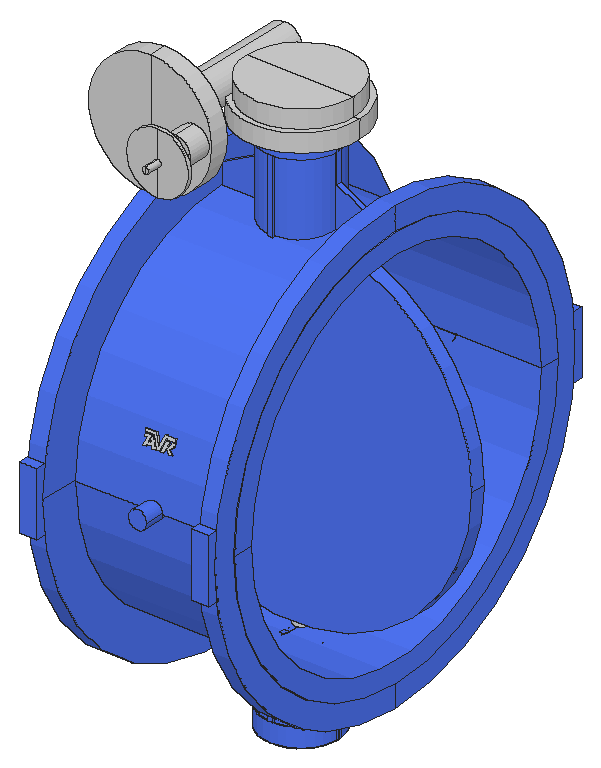
Revit family "756-102-IS3-DN150-1200", category Pipe Accessories, Revit 2019
Family settings
  Round Connector Dimension = Use Diameter
  Part Type = Valve - Breaks Into
  Work Plane-Based = No
  Always vertical = Yes
  Cut with Voids When Loaded = No
  Shared = No
Parameters (values of type "DN1200-PN25")
  W2_ref = size_lookup(Search_table, "W2_Ref", 0.00 mm, DN)  # 204.00 mm
  W2_Ref_2 = W2_ref / 2  # 102.00 mm
  Rib_dia = size_lookup(Search_table, "Rib_Dia", 0.00 mm, DN) / 2  # 40.00 mm
  Offset = size_lookup(Search_table, "Offset", 0.00 mm, DN)  # 3.00 mm
  GB_Width_Ref = if(DN > 599.00 mm, L / 3, if(DN > 149.00 mm, GB_Width, GB_Width))  # 210.00 mm
  GB_Width_3 = size_lookup(Search_table, "GB_Width", 0.00 mm, DN) / 2  # 195.00 mm
  GB_HW = size_lookup(Search_table, "GB_HW", 0.00 mm, DN) / 2  # 260.00 mm
  Disc_width = if(DN > 999.00 mm, 50.00 mm, if(DN > 699.00 mm, 40.00 mm, if(DN > 499.00 mm, 35.00 mm, if(DN > 399.00 mm, 25.00 mm, if(DN > 349.00 mm, 20.00 mm, if(DN > 249.00 mm, 15.00 mm, if(DN > 149.00 mm, 10.00 mm, 10.00 mm)))))))  # 50.00 mm
  Disc_Dia = size_lookup(Search_table, "Disc_Dia", 0.00 mm, DN)  # 1172.50 mm
  DN900-PN25 = "756-0900-1-74002"
  DN900 = yes
  DN800-PN25 = "756-0800-1-74002"
  DN800 = yes
  DN700-PN25 = "756-0700-1-74002"
  DN700 = yes
  DN1200-PN25 = "756-1200-1-74002"
  DN1200 = yes
  DN1000-PN25 = "756-1000-1-74002"
  DN1000 = yes
  C_Rod = if(DN > 999.00 mm, 48.00 mm, if(DN > 699.00 mm, 38.00 mm, if(DN > 499.00 mm, 33.00 mm, if(DN > 399.00 mm, 23.00 mm, if(DN > 349.00 mm, 18.00 mm, if(DN > 249.00 mm, 13.00 mm, if(DN > 149.00 mm, 9.00 mm, 9.00 mm)))))))  # 48.00 mm
  C = size_lookup(Search_table, "C", 0.00 mm, DN)  # 382.00 mm
  W4 = size_lookup(Search_table, "W4", 0.00 mm, DN)  # 987.00 mm
  W3 = size_lookup(Search_table, "W3", 0.00 mm, DN)  # 982.00 mm
  W2 = size_lookup(Search_table, "W2", 0.00 mm, DN)  # 1161.00 mm
  W1 = size_lookup(Search_table, "W1", 0.00 mm, DN)  # 768.00 mm
  URL_product_pages = "https://www.avkvalves.com/P.aspx?no=7560150174002"
  Rib_width_2 = Gear_box_Mount_Flange_width * 2  # 250.00 mm
  Rib_width = L - (Flange_Thickness * 2)  # 510.00 mm
  Rib_height_2 = H1 - Flange_OD  # 154.50 mm
  Rib_depth = if(DN > 149.00 mm, 15.00 mm, if(DN > 299.00 mm, 15.00 mm, if(DN > 399.00 mm, 20.00 mm, 20.00 mm)))  # 15.00 mm
  Rib_height = Flange_OD / 1.1  # 675.00 mm
  Rf_Dia = size_lookup(Search_table, "RF_Dia", 0.00 mm, DN) / 2  # 666.00 mm
  RF_Cut_Thickness = 5.00 mm  # constant formula
  Pin_width = L / 2  # 315.00 mm
  Pin_dia = 60.00 mm
  Pin_Depth = (DN + size_lookup(Search_table, "Flange_OD", 0.00 mm, DN)) / 2  # 1342.50 mm
  L2 = size_lookup(Search_table, "L2", 0.00 mm, DN)  # 272.00 mm
  L1 = size_lookup(Search_table, "L1", 0.00 mm, DN)  # 268.00 mm
  L = size_lookup(Search_table, "L", 0.00 mm, DN)  # 630.00 mm
  ID (Radius) = DN / 2  # 600.00 mm
  H3 = size_lookup(Search_table, "H3", 0.00 mm, DN)  # 899.00 mm
  H2 = size_lookup(Search_table, "H2", 0.00 mm, DN)  # 899.00 mm
  H1 = B - GB_Dia  # 897.00 mm
  Gear_box_depth = A - Body_wallthickness - 25.00 mm  # 470.00 mm
  GB_Width_2 = GB_Width_3 * 0.9  # 175.50 mm
  GB_Width = C - L / 2  # 67.00 mm
  GB_Flange = 5.00 mm  # constant formula
  GB_Dia = size_lookup(Search_table, "GB_Dia", 0.00 mm, DN) / 2  # 60.00 mm
  Flange_Thickness = size_lookup(Search_table, "Flange_Thickness", 0.00 mm, DN)  # 60.00 mm
  Flange_OD = size_lookup(Search_table, "Flange_OD", 0.00 mm, DN) / 2  # 742.50 mm
  Description_ = "AVK_DOUBLE_ECCENTRIC_BUTTERFLY_VALVE"
  DN = 1200.00 mm
  Search_table = "756-102-IS3-DN150-1200"
  Disk_2 = size_lookup(Search_table, "Disk_2", 0.00 mm, DN)  # 25.00 mm
  Disk_1 = size_lookup(Search_table, "Disk_1", 0.00 mm, DN)  # 25.00 mm
  DN600_PN25 = "756-0600-1-74002"
  DN600 = yes
  DN500_PN25 = "756-0500-1-74002"
  DN500 = yes
  DN450_PN25 = "756-0450-1-74002"
  DN450 = yes
  DN400_PN25 = "756-0400-1-74002"
  DN400 = yes
  DN350_PN25 = "756-0350-1-74002"
  DN350 = yes
  DN300_PN25 = "756-0300-1-74002"
  DN300 = yes
  DN250_PN25 = "756-0250-1-74002"
  DN250 = yes
  DN200_PN25 = "756-0200-1-74002"
  DN200 = yes
  DN150_PN25 = "756-0150-1-74002"
  DN150 = yes
  D1 = size_lookup(Search_table, "D1", 0.00 mm, DN) / 2  # 10.00 mm
  Bottom_Depth = DN * 1.5  # 1800.00 mm
  Gear_box_Mount_width = size_lookup(Search_table, "Gear_box_Mount_width", 0.00 mm, DN) / 2  # 120.00 mm
  Gear_box_Mount_Flange_width = size_lookup(Search_table, "Gear_box_Mount_Flange_width", 0.00 mm, DN) / 2  # 125.00 mm
  Body_wallthickness = 10.00 mm  # constant formula
  B = size_lookup(Search_table, "B", 0.00 mm, DN)  # 957.00 mm
  A2 = A / 1.7  # 297.059 mm
  A = size_lookup(Search_table, "A", 0.00 mm, DN)  # 505.00 mm
Types (15, lengths in mm): name | W2_ref | W2_Ref_2 | Rib_dia | Offset | GB_Width_Ref | GB_Width_3 | GB_HW | Disc_width | Disc_Dia | DN900-PN25 | DN800-PN25 | C_Rod | C | W4 | W3 | W2 | W1 | Rib_width_2 | Rib_width | Rib_height_2 | Rib_height | Rf_Dia | Pin_width | Pin_dia | Pin_Depth | L2 | L1 | L | ID (Radius) | H3 | H2 | H1 | Gear_box_depth | GB_Width_2 | GB_Width | GB_Dia | Flange_Thickness | Flange_OD | DN | Disk_2 | Disk_1 | Bottom_Depth | Gear_box_Mount_width | Gear_box_Mount_Flange_width | B | A2 | A
  (no name) | 204.00 | 102.00 | 40.00 | 3.00 | 210.00 | 195.00 | 260.00 | 50.00 | 1172.50 | "756-0900-1-74002" | "756-0800-1-74002" | 48.00 | 382.00 | 987.00 | 982.00 | 1161.00 | 768.00 | 250.00 | 510.00 | 154.50 | 675.00 | 666.00 | 315.00 | 60.00 | 1342.50 | 272.00 | 268.00 | 630.00 | 600.00 | 899.00 | 899.00 | 897.00 | 470.00 | 175.50 | 67.00 | 60.00 | 60.00 | 742.50 | 1200.00 | 25.00 | 25.00 | 1800.00 | 120.00 | 125.00 | 957.00 | 297.059 | 505.00
  DN0150-PN25 | 35.00 | 17.50 | 35.00 | 3.00 | 71.00 | 85.00 | 35.00 | 10.00 | 133.00 | "756-0900-1-74002\r\n756-1000-1-74002" | "756-0800-1-74002\r\n150\r\n200\r\n250\r\n300\r\n350\r\n400\r\n450\r\n500\r\n600\r\n700\r\n800\r\nPN25\r\nPN25\r\nPN25\r\nPN25\r\nPN25\r\nPN25\r\nPN25\r\nPN25\r\nPN25\r\nPN25\r\nPN25\r\n210\r\n230\r\n250\r\n270\r\n290\r\n310\r\n330\r\n350\r\n390\r\n430\r\n470\r\n-\r\n-\r\n-\r\n1\r\n19\r\n34\r\n48\r\n63\r\n92\r\n124\r\n155\r\n-\r\n-\r\n-\r\n12\r\n25\r\n40\r\n54\r\n69\r\n98\r\n130\r\n161\r\n192\r\n226\r\n268\r\n303\r\n331\r\n373\r\n411\r\n454\r\n541\r\n566\r\n650\r\n162\r\n190\r\n223\r\n253\r\n288\r\n320\r\n345\r\n375\r\n430\r\n483\r\n546\r\n278\r\n312\r\n350.5\r\n420\r\n445\r\n487\r\n572\r\n615\r\n701\r\n740\r\n921\r\n-\r\n-\r\n-\r\n17\r\n155\r\n217\r\n270\r\n325\r\n424\r\n527\r\n626\r\n-\r\n-\r\n-\r\n115\r\n176\r\n234\r\n285\r\n338\r\n434\r\n537\r\n635\r\n20\r\n20\r\n20\r\n20\r\n20\r\n20\r\n20\r\n20\r\n20\r\n20\r\n20\r\n122\r\n118\r\n263\r\n269\r\n269\r\n269\r\n355\r\n355\r\n342\r\n342\r\n469\r\n216\r\n249\r\n288\r\n325\r\n350\r\n392\r\n447\r\n490\r\n576\r\n615\r\n717\r\n176\r\n191\r\n230\r\n173\r\n183\r\n193\r\n205\r\n215\r\n277\r\n297\r\n266\r\nF10\r\nF10\r\nF10\r\nF10\r\nF10\r\nF10\r\nF10\r\nF10\r\nF14\r\nF10\r\nF10\r\n39\r\n56\r\n93\r\n117\r\n152\r\n191\r\n277\r\n325\r\n501\r\n672\r\n975\r\n2/3\r\nthosch - 21-Jun-2022 11:33\r\n756-0800-1-74002" | 9.00 | 176.00 | 6.00 | 6.00 | 278.00 | 162.00 | 90.00 | 180.00 | 38.50 | 129.545 | 105.50 | 105.00 | 30.00 | 217.50 | 1.00 | 1.00 | 210.00 | 75.00 | 200.00 | 192.00 | 181.00 | 87.00 | 76.50 | 71.00 | 35.00 | 15.00 | 142.50 | 150.00 | 2.00 | 2.00 | 225.00 | 40.00 | 45.00 | 216.00 | 71.765 | 122.00
  DN0200-PN25 | 35.00 | 17.50 | 35.00 | 5.00 | 76.00 | 85.00 | 35.00 | 10.00 | 180.00 | "756-0900-1-74002" | "756-0800-1-74002" | 9.00 | 191.00 | 6.00 | 6.00 | 312.00 | 190.00 | 90.00 | 200.00 | 44.00 | 154.545 | 133.00 | 115.00 | 30.00 | 270.00 | 1.00 | 1.00 | 230.00 | 100.00 | 226.00 | 226.00 | 214.00 | 83.00 | 76.50 | 76.00 | 35.00 | 15.00 | 170.00 | 200.00 | 2.00 | 2.00 | 300.00 | 40.00 | 45.00 | 249.00 | 69.412 | 118.00
  DN0250-PN25 | 35.00 | 17.50 | 35.00 | 5.00 | 105.00 | 85.00 | 35.00 | 15.00 | 227.00 | "756-0900-1-74002" | "756-0800-1-74002" | 13.00 | 230.00 | 6.00 | 6.00 | 350.50 | 223.00 | 100.00 | 220.00 | 50.50 | 184.091 | 159.50 | 125.00 | 30.00 | 327.50 | 1.00 | 1.00 | 250.00 | 125.00 | 268.00 | 268.00 | 253.00 | 228.00 | 76.50 | 105.00 | 35.00 | 15.00 | 202.50 | 250.00 | 2.00 | 2.00 | 375.00 | 45.00 | 50.00 | 288.00 | 154.706 | 263.00
  DN0300-PN25 | 35.00 | 17.50 | 35.00 | 6.00 | 38.00 | 92.50 | 35.00 | 15.00 | 282.17 | "756-0900-1-74002" | "756-0800-1-74002" | 13.00 | 173.00 | 115.00 | 17.00 | 420.00 | 253.00 | 120.00 | 230.00 | 60.00 | 209.091 | 185.00 | 135.00 | 40.00 | 380.00 | 12.00 | 1.00 | 270.00 | 150.00 | 303.00 | 303.00 | 290.00 | 234.00 | 83.25 | 38.00 | 35.00 | 20.00 | 230.00 | 300.00 | 20.00 | 3.00 | 450.00 | 55.00 | 60.00 | 325.00 | 158.235 | 269.00
  DN0350-PN25 | 35.00 | 17.50 | 35.00 | 3.00 | 38.00 | 92.50 | 35.00 | 20.00 | 334.00 | "756-0900-1-74002" | "756-0800-1-74002" | 18.00 | 183.00 | 176.00 | 155.00 | 445.00 | 288.00 | 120.00 | 250.00 | 55.00 | 236.364 | 214.50 | 145.00 | 40.00 | 435.00 | 25.00 | 19.00 | 290.00 | 175.00 | 331.00 | 331.00 | 315.00 | 234.00 | 83.25 | 38.00 | 35.00 | 20.00 | 260.00 | 350.00 | 20.00 | 20.00 | 525.00 | 55.00 | 60.00 | 350.00 | 158.235 | 269.00
  DN0400-PN25 | 37.50 | 18.75 | 37.50 | 3.00 | 38.00 | 95.00 | 37.50 | 25.00 | 382.71 | "756-0900-1-74002" | "756-0800-1-74002" | 23.00 | 193.00 | 234.00 | 217.00 | 487.00 | 320.00 | 130.00 | 270.00 | 64.50 | 263.636 | 240.00 | 155.00 | 40.00 | 490.00 | 40.00 | 34.00 | 310.00 | 200.00 | 373.00 | 373.00 | 354.50 | 234.00 | 85.50 | 38.00 | 37.50 | 20.00 | 290.00 | 400.00 | 20.00 | 20.00 | 600.00 | 60.00 | 65.00 | 392.00 | 158.235 | 269.00
  DN0500-PN25 | 39.00 | 19.50 | 39.00 | 3.00 | 40.00 | 105.00 | 39.00 | 35.00 | 482.61 | "756-0900-1-74002" | "756-0800-1-74002" | 33.00 | 215.00 | 338.00 | 325.00 | 615.00 | 375.00 | 135.00 | 290.00 | 116.00 | 304.545 | 291.00 | 175.00 | 60.00 | 585.00 | 69.00 | 63.00 | 350.00 | 250.00 | 454.00 | 454.00 | 451.00 | 320.00 | 94.50 | 40.00 | 39.00 | 30.00 | 335.00 | 500.00 | 20.00 | 20.00 | 750.00 | 62.50 | 67.50 | 490.00 | 208.824 | 355.00
  DN0600-PN25 | 125.00 | 62.50 | 39.00 | 3.00 | 130.00 | 110.00 | 95.00 | 35.00 | 579.93 | "756-0900-1-74002" | "756-0800-1-74002" | 33.00 | 277.00 | 434.00 | 424.00 | 701.00 | 430.00 | 155.00 | 330.00 | 147.00 | 354.545 | 341.00 | 195.00 | 60.00 | 690.00 | 98.00 | 92.00 | 390.00 | 300.00 | 541.00 | 541.00 | 537.00 | 307.00 | 99.00 | 82.00 | 39.00 | 30.00 | 390.00 | 600.00 | 20.00 | 20.00 | 900.00 | 72.50 | 77.50 | 576.00 | 201.176 | 342.00
  DN0450-PN25 | 37.50 | 18.75 | 37.50 | 3.00 | 40.00 | 100.00 | 37.50 | 25.00 | 430.22 | "756-0900-1-74002" | "756-0800-1-74002" | 23.00 | 205.00 | 285.00 | 270.00 | 572.00 | 345.00 | 135.00 | 270.00 | 89.50 | 290.909 | 265.00 | 165.00 | 60.00 | 545.00 | 54.00 | 48.00 | 330.00 | 225.00 | 411.00 | 411.00 | 409.50 | 320.00 | 90.00 | 40.00 | 37.50 | 30.00 | 320.00 | 450.00 | 20.00 | 20.00 | 675.00 | 62.50 | 67.50 | 447.00 | 208.824 | 355.00
  DN0700-PN25 | 125.00 | 62.50 | 37.50 | 3.00 | 143.333 | 130.00 | 95.00 | 40.00 | 684.00 | "756-0900-1-74002" | "756-0800-1-74002" | 38.00 | 297.00 | 537.00 | 527.00 | 740.00 | 483.00 | 180.00 | 350.00 | 120.25 | 413.636 | 397.00 | 215.00 | 60.00 | 805.00 | 130.00 | 124.00 | 430.00 | 350.00 | 566.00 | 566.00 | 575.25 | 307.00 | 117.00 | 82.00 | 39.75 | 40.00 | 455.00 | 700.00 | 25.00 | 25.00 | 1050.00 | 85.00 | 90.00 | 615.00 | 201.176 | 342.00
  DN0800-PN25 | 204.00 | 102.00 | 40.00 | 3.00 | 156.667 | 140.00 | 155.00 | 40.00 | 786.50 | "756-0900-1-74002" | "756-0800-1-74002" | 38.00 | 266.00 | 635.00 | 626.00 | 921.00 | 546.00 | 180.00 | 390.00 | 157.00 | 465.909 | 450.00 | 235.00 | 60.00 | 912.50 | 161.00 | 155.00 | 470.00 | 400.00 | 650.00 | 650.00 | 669.50 | 434.00 | 126.00 | 31.00 | 47.50 | 40.00 | 512.50 | 800.00 | 25.00 | 25.00 | 1200.00 | 85.00 | 90.00 | 717.00 | 275.882 | 469.00
  DN0900-PN25 | 204.00 | 102.00 | 40.00 | 3.00 | 170.00 | 155.00 | 175.00 | 40.00 | 886.50 | "756-0900-1-74002" | "756-0800-1-74002" | 38.00 | 286.00 | 729.00 | 721.00 | 971.00 | 593.00 | 200.00 | 420.00 | 152.50 | 510.909 | 500.00 | 255.00 | 60.00 | 1012.00 | 191.00 | 185.00 | 510.00 | 450.00 | 701.00 | 701.00 | 714.50 | 434.00 | 139.50 | 31.00 | 52.50 | 45.00 | 562.00 | 900.00 | 25.00 | 25.00 | 1350.00 | 95.00 | 100.00 | 767.00 | 275.882 | 469.00
  DN1000-PN25 | 204.00 | 102.00 | 40.00 | 3.00 | 183.333 | 175.00 | 203.50 | 50.00 | 986.00 | "756-0900-1-74002" | "756-0800-1-74002" | 48.00 | 306.00 | 824.00 | 813.00 | 1041.00 | 663.00 | 220.00 | 450.00 | 154.50 | 570.455 | 556.00 | 275.00 | 60.00 | 1127.50 | 222.00 | 218.00 | 550.00 | 500.00 | 771.00 | 771.00 | 782.00 | 434.00 | 157.50 | 31.00 | 55.00 | 50.00 | 627.50 | 1000.00 | 25.00 | 25.00 | 1500.00 | 105.00 | 110.00 | 837.00 | 275.882 | 469.00
  DN1200-PN25 | 204.00 | 102.00 | 40.00 | 3.00 | 210.00 | 195.00 | 260.00 | 50.00 | 1172.50 | "756-0900-1-74002" | "756-0800-1-74002" | 48.00 | 382.00 | 987.00 | 982.00 | 1161.00 | 768.00 | 250.00 | 510.00 | 154.50 | 675.00 | 666.00 | 315.00 | 60.00 | 1342.50 | 272.00 | 268.00 | 630.00 | 600.00 | 899.00 | 899.00 | 897.00 | 470.00 | 175.50 | 67.00 | 60.00 | 60.00 | 742.50 | 1200.00 | 25.00 | 25.00 | 1800.00 | 120.00 | 125.00 | 957.00 | 297.059 | 505.00
Reference planes
  plane 1 "Center (Front/Back)": y = 0
  plane 2: z = 0
  plane 3 "Center (Left/Right)": x = 0
  plane 4: y = 600
  plane 5: y = 610
  plane 6: x = 315
  plane 7: x = 255
  plane 8: x = -255
  plane 9: x = -315
  plane 10: z = 897
  plane 11: x = 125
  plane 12: z = 837
  plane 13: z = -897
  plane 14: x = 125
  plane 15: z = -837
  plane 16: x = 120
  plane 17: x = 125
  plane 18: x = -125
  plane 19: z = 897
  plane 20: z = 742.5
  plane 21: z = 600
  plane 22: x = 255
  plane 23: x = -255
  plane 24: z = 675
  plane 25: y = 7.5
  plane 26: y = -7.5
  plane 27: x = 125
  plane 28: x = -125
  plane 29: z = -897
  plane 30: z = -742.5
  plane 31: z = -600
  plane 32: x = 255
  plane 33: x = -255
  plane 34: z = -675
  plane 35: y = 125
  plane 36: y = -125
  plane 37: x = -7.5
  plane 38: x = 7.5
  plane 39: z = 105
  plane 40: z = -105
  plane 41: y = -768
  plane 42: y = 768
  plane 43: y = -172
  plane 44: z = -899
  plane 45: x = 120
  plane 46: y = 600
  plane 47: y = -600
  plane 48: y = 671.25
  plane 49: y = -671.25
  plane 50: z = 1161
  plane 51: z = 957
  plane 52: y = -505
  plane 53: x = -67
  plane 54: z = 997
  plane 55: x = -62
  plane 56: x = -72
  plane 57: z = 962
  plane 58: z = 952
  plane 59: x = -27
  plane 60: x = -107
  plane 61: z = 917
  plane 62: x = -210
  plane 63: y = 25
  plane 64: y = -25
  plane 65: z = 57.131
  plane 66: z = -57.131
  plane 67: z = 496.332
  plane 68: z = 492.509
  plane 69: z = -496.332
  plane 70: z = -492.509
  plane 71: z = 285.986
Forms (mm)
  Revolve 1, solid, material "Plastic"
    sketch origin (0, 0, 0) x (1, 0, 0) y (0, 1, 0)
      loop
        line (-255, 610) -> (-255, 742.5) -> (-315, 742.5) -> (-315, 600) -> (315, 600) -> (315, 742.5) -> (255, 742.5) -> (255, 610) -> (-255, 610)
      axis (-315, 0) -> (315, 0)
    angle from 0 to 360
  Revolve 2, solid, material "Plastic"
    sketch origin (0, 0, 0) x (1, 0, 0) y (0, 0, 1)
      loop
        line (120, 837) -> (125, 837) -> (125, 897) -> (0, 897) -> (0, 600) -> (120, 600) -> (120, 837)
      axis (0, 897) -> (0, 600)
    angle from 0 to 360
  Revolve 3, solid, material "Plastic"
    sketch origin (0, 0, 0) x (1, 0, 0) y (0, 0, -1)
      loop
        line (120, 600) -> (120, 837) -> (125, 837) -> (125, 897) -> (0, 897) -> (0, 600) -> (120, 600)
      axis (0, 897) -> (0, 600)
    angle from 0 to 360
  Revolve 4, solid, material "Plastic"
    sketch origin (0, 0, 0) x (1, 0, 0) y (0, 0, 1)
      loop
        line (0, -897) -> (0, -899) -> (125, -899) -> (125, -897) -> (0, -897)
      axis (0, -899) -> (0, -897)
    angle from 0 to 360
  Extrusion 5, solid, material "Plastic"
    sketch origin (0, 0, 0) x (1, 0, 0) y (0, 0, 1)
      loop
        line (125, 897) -> (-125, 897) -> (-125, 742.5) -> (-255, 675) -> (-255, 600) -> (255, 600) -> (255, 675) -> (125, 742.5) -> (125, 897)
    from -7.5 to 7.5
  Extrusion 6, solid, material "Plastic"
    sketch origin (0, 0, 0) x (1, 0, 0) y (0, 0, 1)
      loop
        line (125, -897) -> (125, -742.5) -> (255, -675) -> (255, -600) -> (-255, -600) -> (-255, -675) -> (-125, -742.5) -> (-125, -897) -> (125, -897)
    from -7.5 to 7.5
  Extrusion 7, solid, material "Plastic"
    sketch origin (0, 0, 0) x (0, 1, 0) y (0, 0, 1)
      loop
        line (125, 837) -> (-125, 837) -> (-125, -837) -> (125, -837) -> (125, 837)
    from -7.5 to 7.5
  Extrusion 8, solid, material "Plastic"
    sketch origin (0, 0, 0) x (0, 1, 0) y (0, 0, 1)
      loop
        line (768, -105) -> (768, 105) -> (735.038, 105)
        arc (735.038, 105) -> (740.632, 52.632) -> (742.5, 0) r 742.5
        arc (742.5, 0) -> (740.632, -52.632) -> (735.038, -105) r 742.5
        line (735.038, -105) -> (768, -105)
      loop
        line (-768, 105) -> (-768, -105) -> (-735.038, -105)
        arc (-735.038, -105) -> (-740.632, -52.632) -> (-742.5, 0) r 742.5
        arc (-742.5, 0) -> (-740.632, 52.632) -> (-735.038, 105) r 742.5
        line (-735.038, 105) -> (-768, 105)
    from 255 to 315
  Extrusion 9, void
    sketch origin (0, 0, 0) x (0, 1, 0) y (0, 0, 1)
      loop
        circle (0, 0) r 600
    from -315 to 315
  Extrusion 10, solid, material "Plastic"
    sketch origin (0, 0, 0) x (0, 1, 0) y (0, 0, -1)
      loop
        line (-768, -105) -> (-735.038, -105)
        arc (-735.038, -105) -> (-740.632, -52.632) -> (-742.5, 0) r 742.5
        arc (-742.5, 0) -> (-740.632, 52.632) -> (-735.038, 105) r 742.5
        line (-735.038, 105) -> (-768, 105) -> (-768, -105)
      loop
        line (768, 105) -> (735.038, 105)
        arc (735.038, 105) -> (740.632, 52.632) -> (742.5, 0) r 742.5
        arc (742.5, 0) -> (740.632, -52.632) -> (735.038, -105) r 742.5
        line (735.038, -105) -> (768, -105) -> (768, 105)
    from 255 to 315
  Extrusion 11, solid, material "Plastic"
    sketch origin (0, 0, 0) x (1, 0, 0) y (0, 0, 1)
      loop
        circle (0, 0) r 30
    from -671.25 to -600
  Extrusion 12, solid, material "Plastic"
    sketch origin (0, 0, 0) x (1, 0, 0) y (0, 0, 1)
      loop
        circle (0, 0) r 30
    from 671.25 to 600
  Revolve 13, void
    sketch origin (0, 0, 0) x (1, 0, 0) y (0, 0, 1)
      loop
        line (315, 899) -> (310, 899) -> (310, 666) -> (315, 666) -> (315, 899)
      loop
        line (-315, 899) -> (-315, 666) -> (-310, 666) -> (-310, 899) -> (-315, 899)
      axis (-315, 0) -> (315, 0)
    angle from 0 to 360
  Extrusion 14, solid, material "Stainless Steel AISI 304"
    sketch origin (0, 0, 0) x (1, 0, 0) y (0, 0, 1)
      loop
        line (-72, 997) -> (-72, 962) -> (-107, 962) -> (-107, 952) -> (-72, 952) -> (-72, 917) -> (-62, 917) -> (-62, 952) -> (-27, 952) -> (-27, 962) -> (-62, 962) -> (-62, 997) -> (-72, 997)
    from 431.029 to 495
  Revolve 15, solid, material "Stainless Steel AISI 304"
    sketch origin (0, 0, 0) x (1, 0, 0) y (0, 0, 1)
      loop
        line (0, 897) -> (195, 897) -> (195, 957) -> (0, 957) -> (0, 897)
      axis (0, 897) -> (0, 957)
    angle from 0 to 360
  Revolve 16, solid, material "Stainless Steel AISI 304"
    sketch origin (0, 0, 0) x (1, 0, 0) y (0, 0, 1)
      loop
        line (0, 957) -> (175.5, 957) -> (175.5, 1017) -> (0, 1017) -> (0, 957)
      axis (0, 957) -> (0, 1017)
    angle from 0 to 360
  Revolve 17, solid, material "Stainless Steel AISI 304"
    sketch origin (-67, -1524, 167.638) x (0, 0, -1) y (0, -1, 0)
      loop
        line (-891.362, -1029) -> (-789.362, -1029) -> (-789.362, -1019) -> (-891.362, -1019) -> (-891.362, -1029)
      axis (-789.362, -1029) -> (-789.362, -1019)
    angle from 0 to 360
  Revolve 18, solid, material "Stainless Steel AISI 304"
    sketch origin (-67, -1524, 167.638) x (0, 0, -1) y (0, -1, 0)
      loop
        line (-839.362, -1166.941) -> (-789.362, -1166.941) -> (-789.362, -1092.971) -> (-839.362, -1092.971) -> (-839.362, -1166.941)
      axis (-789.362, -1166.941) -> (-789.362, -1092.971)
    angle from 0 to 360
  Revolve 19, solid, material "Stainless Steel AISI 304"
    sketch origin (-210, -1524, 508) x (0, 0, 1) y (0, -1, 0)
      loop
        line (449, -1719) -> (449, -1226.941) -> (389, -1226.941) -> (389, -1719) -> (449, -1719)
      axis (449, -1719) -> (449, -1226.941)
    angle from 0 to 360
  Revolve 20, solid, material "Stainless Steel AISI 304"
    sketch origin (-210, -1524, 508) x (0, 0, 1) y (0, -1, 0)
      loop
        line (449, -1226.941) -> (653, -1226.941) -> (653, -1166.941) -> (449, -1166.941) -> (449, -1226.941)
      axis (449, -1226.941) -> (449, -1166.941)
    angle from 0 to 360
  Revolve 21, solid, material "Stainless Steel AISI 304"
    sketch origin (-67, -1524, 167.638) x (0, 0, -1) y (0, -1, 0)
      loop
        line (-789.362, -1019) -> (-789.362, -969) -> (-799.362, -969) -> (-799.362, -1019) -> (-789.362, -1019)
      axis (-789.362, -969) -> (-789.362, -1019)
    angle from 0 to 360
  Extrusion 22, solid, material "Plastic(1)"
    sketch origin (0, 0, 0) x (1, 0, 0) y (0, 0, 1)
      loop
        circle (-3, 0) r 586.25
    from -25 to 25
  Extrusion 23, solid
    sketch origin (0, 0, 0) x (1, 0, 0) y (0, 1, 0)
      loop
        circle (0, 0) r 24
    from -899 to 897
Cuts and joins
  Extrusion 9, Revolve 13 cuts Revolve 1
  Extrusion 9 cuts Extrusion 7
  Extrusion 9, Revolve 13 cuts Extrusion 8
  Revolve 13 cuts Extrusion 10
Dimensions and locks
  equal spacing: plane 9, plane 3 "Center (Left/Right)", plane 6
  "L": plane 9 to plane 6
  "ID (Radius)": plane 4 to plane 1 "Center (Front/Back)"
  "Body_wallthickness": plane 5 to plane 4
  "Flange_Thickness": plane 7 to plane 6
  "Flange_Thickness": plane 9 to plane 8
  "Flange_OD": plane 1 "Center (Front/Back)" to Revolve 1 sketch curve
  "Flange_Thickness": plane 10 to plane 12
  "ID (Radius)": Revolve 2 sketch curve to level
  "Gear_box_Mount_Flange_width": plane 3 "Center (Left/Right)" to plane 11
  "Flange_Thickness": plane 13 to plane 15
  "H1": level to plane 13
  "ID (Radius)": level to Revolve 3 sketch curve
  "Gear_box_Mount_Flange_width": Revolve 4 sketch curve to Revolve 4 sketch curve
  "ID (Radius)": plane 21 to level
  "H1": plane 19 to level
  "Gear_box_Mount_Flange_width": plane 3 "Center (Left/Right)" to plane 17
  "Gear_box_Mount_Flange_width": plane 18 to plane 3 "Center (Left/Right)"
  "Rib_height": plane 24 to level
  equal spacing: plane 25, plane 1 "Center (Front/Back)", plane 26
  "Rib_depth": plane 25 to plane 26
  equal spacing: plane 22, plane 3 "Center (Left/Right)", plane 23
  "Rib_width": plane 22 to plane 23
  "Rib_height_2": plane 19 to plane 20
  "Rib_height_2": plane 29 to plane 30
  "Rib_height": level to plane 34
  "Gear_box_Mount_Flange_width": plane 28 to plane 3 "Center (Left/Right)"
  "Gear_box_Mount_Flange_width": plane 3 "Center (Left/Right)" to plane 27
  "ID (Radius)": level to plane 31
  "H1": level to plane 29
  equal spacing: plane 32, plane 3 "Center (Left/Right)", plane 33
  "Rib_width": plane 32 to plane 33
  equal spacing: plane 35, plane 1 "Center (Front/Back)", plane 36
  equal spacing: plane 37, plane 3 "Center (Left/Right)", plane 38
  "Rib_depth": plane 37 to plane 38
  equal spacing: plane 42, plane 1 "Center (Front/Back)", plane 41
  "W1": plane 1 "Center (Front/Back)" to plane 41
  "W1": plane 42 to plane 1 "Center (Front/Back)"
  locked: plane 39 to plane 40 at 210
  equal spacing: plane 39, level, plane 40
  "Rib_width_2": plane 35 to plane 36
  locked: plane 1 "Center (Front/Back)" to plane 43 at 172
  "H2": level to Revolve 4 sketch curve
  "H2": level to plane 44
  "W1": plane 1 "Center (Front/Back)" to Extrusion 10
  "Gear_box_Mount_width": plane 45 to plane 3 "Center (Left/Right)"
  "Gear_box_Mount_width": plane 3 "Center (Left/Right)" to plane 16
  "Gear_box_Mount_Flange_width": plane 3 "Center (Left/Right)" to plane 14
  "Pin_width": cut or joined group of Extrusion 8, Extrusion 9, Revolve 13 to Extrusion 11 sketch curve
  "H2": Extrusion 11 sketch curve to Revolve 4
  equal spacing: plane 46, plane 1 "Center (Front/Back)", plane 47
  "DN": plane 46 to plane 47
  equal spacing: plane 48, plane 1 "Center (Front/Back)", plane 49
  "Pin_Depth": plane 48 to plane 49
  "Rf_Dia": Revolve 13 sketch curve to level
  "RF_Cut_Thickness": Revolve 13 sketch curve to Revolve 13 sketch curve  (x2)
  "H3": Revolve 13 sketch curve to level
  "W2": plane 50 to level
  "H1": plane 10 to level
  "B": plane 51 to level
  "A": plane 1 "Center (Front/Back)" to plane 52
  "GB_Width_3": Revolve 15 sketch curve to Revolve 15 sketch curve
  "GB_Width_2": Revolve 16 sketch curve to plane 3 "Center (Left/Right)"
  equal spacing: Revolve 16 sketch curve, plane 51, Revolve 15
  "GB_Width": plane 3 "Center (Left/Right)" to plane 53
  "Body_wallthickness": Revolve 17 sketch curve to Revolve 17 sketch curve
  equal spacing: plane 55, plane 53, plane 56
  equal spacing: plane 59, plane 53, plane 60
  equal spacing: plane 57, plane 51, plane 58
  "Body_wallthickness": plane 57 to plane 58
  equal spacing: plane 54, plane 51, plane 61
  "Body_wallthickness": plane 55 to plane 56
  "Rib_dia": plane 53 to plane 60
  "Rib_dia": plane 54 to plane 51
  cut or joined group of Revolve 1, Extrusion 9, Revolve 13 to cut or joined group of Revolve 1, Extrusion 9, Revolve 13 = 630.00 mm
  "C": plane 53 to cut or joined group of Revolve 1, Extrusion 9, Revolve 13
  "GB_Width_Ref": plane 3 "Center (Left/Right)" to plane 62
  "GB_Width_3": Revolve 19 sketch curve to plane 1 "Center (Front/Back)"
  "Flange_Thickness": Revolve 19 to Revolve 20 sketch curve
  "D1": Revolve 21 sketch curve to Revolve 21 sketch curve
  locked: Revolve 21 sketch curve to Revolve 21 sketch curve at 50
  "Offset": plane 3 "Center (Left/Right)" to Extrusion 22 sketch curve
  equal spacing: plane 63, plane 1 "Center (Front/Back)", plane 64
  "Disc_width": plane 63 to plane 64
  equal spacing: plane 46, Extrusion 23 sketch curve, plane 47
  equal spacing: cut or joined group of Revolve 1, Extrusion 9, Revolve 13, plane 3 "Center (Left/Right)", cut or joined group of Revolve 1, Extrusion 9, Revolve 13
  Extrusion 22 to cut or joined group of Revolve 1, Extrusion 9, Revolve 13 = 274.25 mm
  cut or joined group of Revolve 1, Extrusion 9, Revolve 13 to Extrusion 22 = 268.25 mm  (x2)
  "A2": plane 1 "Center (Front/Back)" to Revolve 19 sketch curve
  equal spacing: Revolve 20, Revolve 18, Revolve 17
  "W2_ref": Revolve 20 sketch curve to Revolve 15
  equal spacing: Revolve 16, Revolve 18 sketch curve, Extrusion 14
  plane 71 to level = 285.986 mm
  "W2_Ref_2": Revolve 17 sketch curve to plane 51
  "Pin_dia": diameter of Extrusion 11 sketch curve
  "Disc_Dia": diameter of Extrusion 22 sketch curve
  "C_Rod": diameter of Extrusion 23 sketch curve
  aligned and locked: level to plane 2
  aligned and locked: Revolve 1 sketch curve to plane 4
  aligned and locked: plane 5 to Revolve 1 sketch curve
  aligned and locked: Revolve 1 sketch curve to plane 6
  aligned and locked: Revolve 1 sketch curve to plane 7
  aligned and locked: Revolve 1 sketch curve to plane 8
  aligned and locked: Revolve 1 sketch curve to plane 9
  aligned and locked: Revolve 1 sketch curve to Revolve 1 sketch curve
  aligned and locked: plane 1 "Center (Front/Back)" to Revolve 1 sketch curve
  aligned and locked: Revolve 2 sketch curve to Revolve 2 sketch curve
  aligned and locked: plane 10 to Revolve 2 sketch curve
  aligned and locked: Revolve 2 sketch curve to plane 11  (x2)
  aligned and locked: plane 12 to Revolve 2 sketch curve
  aligned and locked: Revolve 2 sketch curve to plane 3 "Center (Left/Right)"
  aligned and locked: Revolve 3 sketch curve to plane 14
  aligned and locked: plane 13 to Revolve 3 sketch curve
  aligned and locked: Revolve 4 sketch curve to Revolve 3
  aligned and locked: Revolve 4 sketch curve to plane 3 "Center (Left/Right)"  (x2)
  aligned and locked: Extrusion 5 sketch curve to plane 17  (x2)
  aligned and locked: Extrusion 5 sketch curve to plane 19
  aligned and locked: Extrusion 5 sketch curve to plane 18  (x2)
  aligned and locked: plane 19 to Extrusion 5 sketch curve
  aligned and locked: Extrusion 5 sketch curve to plane 20
  aligned and locked: plane 20 to Extrusion 5 sketch curve
  aligned and locked: Extrusion 5 sketch curve to plane 24
  aligned and locked: plane 22 to Extrusion 5 sketch curve  (x2)
  aligned and locked: plane 24 to Extrusion 5 sketch curve
  aligned and locked: plane 23 to Extrusion 5 sketch curve  (x2)
  aligned and locked: plane 21 to Extrusion 5 sketch curve
  aligned and locked: Extrusion 5 to plane 25
  aligned and locked: plane 26 to Extrusion 5
  aligned and locked: Extrusion 6 sketch curve to plane 27  (x2)
  aligned and locked: plane 32 to Extrusion 6 sketch curve  (x2)
  aligned and locked: plane 33 to Extrusion 6 sketch curve  (x2)
  aligned and locked: plane 31 to Extrusion 6 sketch curve  (x2)
  aligned and locked: Extrusion 6 sketch curve to plane 34
  aligned and locked: plane 28 to Extrusion 6 sketch curve  (x2)
  aligned and locked: Extrusion 6 sketch curve to plane 30
  aligned and locked: plane 30 to Extrusion 6 sketch curve
  aligned and locked: Extrusion 6 sketch curve to plane 29
  aligned and locked: plane 29 to Extrusion 6 sketch curve
  aligned and locked: plane 34 to Extrusion 6 sketch curve
  aligned and locked: plane 35 to Extrusion 7 sketch curve
  aligned and locked: Extrusion 7 sketch curve to plane 36
  aligned and locked: Extrusion 7 sketch curve to Revolve 2
  aligned and locked: Extrusion 7 to plane 38
  aligned and locked: Extrusion 7 to plane 37
  aligned and locked: plane 39 to Extrusion 8 sketch curve  (x2)
  aligned and locked: Extrusion 8 sketch curve to plane 39  (x2)
  aligned and locked: Extrusion 8 to Revolve 1  (x2)
  aligned and locked: Extrusion 9 sketch curve to Revolve 1  (x2)
  aligned and locked: plane 41 to Extrusion 8 sketch curve  (x2)
  aligned and locked: Extrusion 8 sketch curve to plane 40
  aligned and locked: plane 42 to Extrusion 8 sketch curve  (x2)
  aligned and locked: plane 40 to Extrusion 8 sketch curve
  aligned and locked: Extrusion 8 sketch curve to cut or joined group of Revolve 1, Extrusion 9, Revolve 13  (x4)
  aligned and locked: Extrusion 10 sketch curve to cut or joined group of Extrusion 8, Extrusion 9, Revolve 13  (x6)
  aligned and locked: Extrusion 10 sketch curve to cut or joined group of Revolve 1, Extrusion 9, Revolve 13  (x3)
  aligned and locked: Extrusion 10 to Extrusion 5
  aligned and locked: Extrusion 10 to cut or joined group of Revolve 1, Extrusion 9, Revolve 13
  aligned and locked: Revolve 2 sketch curve to plane 45  (x2)
  aligned and locked: plane 16 to Revolve 3 sketch curve
  aligned and locked: plane 15 to Revolve 3 sketch curve  (x2)
  aligned and locked: plane 3 "Center (Left/Right)" to Revolve 3 sketch curve
  aligned and locked: Revolve 3 sketch curve to plane 3 "Center (Left/Right)"
  aligned and locked: Revolve 3 sketch curve to Revolve 3 sketch curve
  aligned and locked: plane 14 to Revolve 3 sketch curve
  aligned and locked: Extrusion 11 to plane 46
  aligned and locked: Extrusion 12 sketch curve to Extrusion 11  (x2)
  aligned and locked: plane 47 to Extrusion 12
  aligned and locked: Extrusion 11 to plane 48
  aligned and locked: plane 49 to Extrusion 12
  aligned and locked: Revolve 13 sketch curve to cut or joined group of Revolve 1, Extrusion 9, Revolve 13  (x2)
  aligned and locked: Revolve 13 sketch curve to Revolve 13 sketch curve  (x2)
  aligned and locked: Revolve 13 sketch curve to plane 2
  aligned and locked: Extrusion 9 to Revolve 1  (x2)
  aligned and locked: plane 51 to Revolve 15 sketch curve
  aligned and locked: plane 3 "Center (Left/Right)" to Revolve 15 sketch curve
  aligned and locked: Revolve 16 sketch curve to plane 3 "Center (Left/Right)"
  aligned and locked: Revolve 16 sketch curve to Revolve 15
  aligned and locked: Revolve 16 sketch curve to Revolve 16 sketch curve
  aligned and locked: Revolve 17 sketch curve to plane 52
  aligned and locked: Revolve 17 sketch curve to Revolve 17 sketch curve
  aligned and locked: plane 56 to Extrusion 14 sketch curve  (x4)
  aligned and locked: plane 54 to Extrusion 14 sketch curve
  aligned and locked: Extrusion 14 sketch curve to plane 54
  aligned and locked: plane 55 to Extrusion 14 sketch curve  (x4)
  aligned and locked: plane 57 to Extrusion 14 sketch curve  (x3)
  aligned and locked: Extrusion 14 sketch curve to plane 57
  aligned and locked: Extrusion 14 sketch curve to plane 59  (x2)
  aligned and locked: Extrusion 14 sketch curve to plane 58
  aligned and locked: plane 58 to Extrusion 14 sketch curve  (x3)
  aligned and locked: Extrusion 14 sketch curve to plane 61  (x2)
  aligned and locked: plane 60 to Extrusion 14 sketch curve  (x2)
  aligned and locked: Extrusion 14 to Revolve 17
  aligned and locked: Revolve 15 sketch curve to Revolve 2
  aligned and locked: Revolve 18 sketch curve to plane 51
  aligned and locked: Revolve 18 sketch curve to Revolve 18 sketch curve
  aligned and locked: Revolve 18 to Extrusion 14
  aligned and locked: Revolve 19 sketch curve to Revolve 15  (x2)
  aligned and locked: Revolve 19 sketch curve to Revolve 19 sketch curve
  aligned and locked: Revolve 20 sketch curve to Revolve 19
  aligned and locked: plane 51 to Revolve 20 sketch curve
  aligned and locked: Revolve 20 sketch curve to Revolve 20 sketch curve
  aligned and locked: Revolve 20 to Revolve 18 sketch curve
  aligned and locked: plane 51 to Revolve 21 sketch curve
  aligned and locked: Revolve 17 to Revolve 21 sketch curve
  aligned and locked: Revolve 21 sketch curve to Revolve 21 sketch curve
  aligned and locked: Extrusion 22 to plane 63
  aligned and locked: Extrusion 22 to plane 64
  aligned and locked: cut or joined group of Extrusion 7, Extrusion 9 to Revolve 3
  aligned and locked: Revolve 2 to Extrusion 23
  aligned and locked: Extrusion 23 to Revolve 4
  aligned and locked: plane 3 "Center (Left/Right)" to nested 1
  aligned and locked: plane 51 to Revolve 17 sketch curve
Automatic sketch dimensions
  Extrusion 10 sketch curve to Extrusion 10 sketch curve = 0.00 mm
  Revolve 1 sketch curve to plane 8 = 30.00 mm
  Revolve 1 sketch curve to plane 38 = 19.183 mm
  Revolve 4 sketch curve to Revolve 4 sketch curve = 60.00 mm
  Revolve 4 sketch curve to Revolve 4 sketch curve = 15.00 mm
  Revolve 2 sketch curve to Revolve 2 sketch curve = 35.25 mm
  plane 44 to Extrusion 7 sketch curve = 62.00 mm
  Revolve 3 sketch curve to Revolve 3 sketch curve = 35.25 mm
  Revolve 15 sketch curve to Revolve 15 sketch curve = 10.50 mm
  Revolve 15 sketch curve to Revolve 15 sketch curve = 15.00 mm
  Revolve 16 sketch curve to Revolve 16 sketch curve = 3.578 mm
  Revolve 16 sketch curve to Revolve 16 sketch curve = 4.704 mm
  Revolve 15 sketch curve to plane 3 "Center (Left/Right)" = 0.00 mm
  plane 25 to Revolve 19 sketch curve = 20.00 mm
  plane 49 to Revolve 21 sketch curve = 17.00 mm
  Revolve 21 sketch curve to Revolve 21 sketch curve = 15.00 mm
  Extrusion 22 sketch curve to level = 0.00 mm
  Extrusion 23 sketch curve to plane 3 "Center (Left/Right)" = 0.00 mm
  Revolve 2 sketch curve to Revolve 2 sketch curve = 46.25 mm
  Revolve 3 sketch curve to Revolve 3 sketch curve = 46.25 mm
  Revolve 19 sketch curve to Revolve 19 sketch curve = 47.50 mm
  Revolve 20 sketch curve to Revolve 20 sketch curve = 5.00 mm
  Revolve 20 sketch curve to plane 49 = 6.985 mm
  Revolve 18 sketch curve to Revolve 18 sketch curve = 73.971 mm
  Revolve 18 sketch curve to Revolve 18 sketch curve = 17.023 mm
  plane 43 to Revolve 18 sketch curve = 20.50 mm
  Revolve 17 sketch curve to Revolve 17 sketch curve = 2.702 mm
  Revolve 17 sketch curve to Revolve 17 sketch curve = 2.298 mm
  Revolve 13 sketch curve to plane 37 = 0.50 mm
  Revolve 13 sketch curve to plane 38 = 42.50 mm
Nested families
  nested 1: "LOGO 100" at (0, -586.618, 167.272) x (1, 0, 0) z (0, -0.9617, 0.2742), type "LOGO 100"
Definition of nested family "LOGO 100"
  Parameters (values of type "LOGO 100")
    Default Elevation = 1219.20 mm
    DN100 = yes
  Reference planes
    plane 1 "Center (Front/Back)": y = 0
    plane 2: z = 0
    plane 3 "Center (Left/Right)": x = 0
  Forms (mm)
    Extrusion 1, solid
      sketch origin (0, 0, 0) x (1, 0, 0) y (0, 1, 0)
        loop
          line (-1219.2, 1219.2) -> (-1219.2, -1219.2) -> (1219.2, -1219.2) -> (1219.2, 1219.2) -> (-1219.2, 1219.2)
      from 0 to -304.8
    Extrusion 2, solid, visible <- "DN100"
      sketch origin (0, 0, 0) x (1, 0, 0) y (0, 1, 0)
        loop
          line (-13.414, 47.067) -> (-49.421, 47.067) -> (-49.421, 37.301) -> (-20.11, 37.301) -> (-4.923, 0) -> (4.923, 0) -> (20.11, 37.301) -> (49.421, 37.301) -> (49.421, 47.067) -> (13.414, 47.067) -> (0, 14.12) -> (-13.414, 47.067)
        loop
          line (-49.421, 24.122) -> (-40.161, 24.122) -> (-49.421, 0) -> (-38.959, 0) -> (-36.972, 5.177) -> (-21.641, 5.177) -> (-19.533, 0) -> (-8.989, 0) -> (-22.642, 33.536) -> (-49.421, 33.536) -> (-49.421, 24.122)
        loop
          line (-34.548, 14.12) -> (-25.282, 14.12) -> (-30.051, 25.833) -> (-34.548, 14.12)
        loop
          line (22.642, 33.536) -> (8.989, 0) -> (19.533, 0) -> (24.902, 13.186) -> (34.838, 0) -> (47.067, 0) -> (35.829, 14.914)
          arc (35.829, 14.914) -> (42.384, 18.149) -> (46.597, 24.122) r 14.826
          line (46.597, 24.122) -> (49.421, 24.122) -> (49.421, 33.536) -> (40.007, 33.536)
          arc (40.007, 33.536) -> (36.577, 25.039) -> (28.208, 21.306) r 12.238
          line (28.208, 21.306) -> (33.187, 33.536) -> (22.642, 33.536)
      from 0 to 1
  Dimensions and locks
    aligned and locked: plane 2 to Extrusion 1
    aligned and locked: level to Extrusion 1
